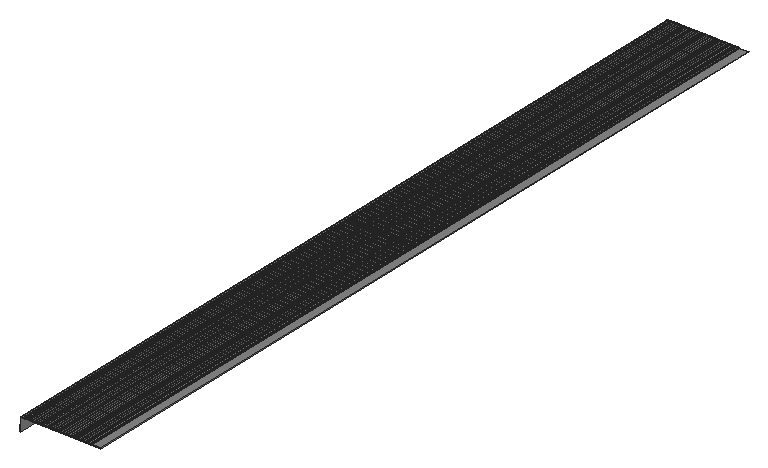
Revit family "111213010058710", category Modelos genéricos, Revit 2018
Family settings
  Puede alojar armadura = No
  Cota de conector redondo = Diámetro de uso
  Tipo de pieza = Normal
  Se basa en plano de trabajo = No
  Siempre vertical = No
  Corte con vacíos al cargar = No
  Compartido = No
  Punto de cálculo de habitación = No
Parameters (values of type "GRADA NEO PVC 300X50MM GRIS OSCURO TIRA 3MT")
  Ventajas = "Autoextinguible"
  Uso = "Fabricado en PVC, ideal para zonas de medio y alto trafico, con estrías\r\nantideslizantes. Ideal para: Edificios Públicos y Privados, Colegios, Universidades, Centros\r\ncomerciales, Aeropuertos, Hoteles, Edificios Habitacionales, entre otros."
  Unidad = "Tiras de 1.20 Mts y 3.00 Mts."
  URL = "https://www.empresascnp.cl/"
  Num SKUs = "111213010058710"
  Nombre SKU = "GRADA NEO PVC 300X50MM GRIS OSCURO TIRA 3MT"
  Modelo = "GRADA NEO PVC 300X50MM"
  Material = PVC flexible gris oscuro
  Url Ficha tecnica = "https://empresascnp.cl/wp-content/uploads//pdf/ficha-tecnica-grada-neo-pvc-300x50mm-gris-oscuro-tira-3mt.pdf"
  Largo = 3000.00 mm
  Espesor = 2.00 mm
  Empresa = "CNP SPA."
  Dureza = "80 shore A"
  Dimension = 300.00 mm
  Descripción = "Grada Neo 300x50 MM."
  Contacto = "info@empresascnp.cl"
  Color = "Gris oscuro"
  Aplicacion = "Escaleras"
  Alto = 50.00 mm
Reference planes
  plane 1 "Center F/B": y = 0
  plane 2: z = 0
  plane 3 "Center L/R": x = 0
  plane 4: z = -50
  plane 5 "2": y = 1500
  plane 6 "3": y = -1500
  plane 7: x = 300
  plane 8: z = -2
  plane 9 "4": x = 2
Forms (mm)
  Extrusion 1, solid, material "PVC flexible gris oscuro" <- "Material"
    sketch origin (0, 0, 0) x (1, 0, 0) y (0, 0, 1)
      loop
        line (300, 0) -> (270, 0) -> (270, -0.79) -> (266, -0.79) -> (266, 0) -> (264, 0) -> (264, -0.79) -> (263, -0.79) -> (263, 0) -> (261, 0) -> (261, -0.79) -> (260, -0.79) -> (260, 0) -> (258, 0) -> (258, -0.79) -> (257, -0.79) -> (257, 0) -> (255, 0) -> (255, -0.79) -> (251, -0.79) -> (251, 0) -> (249, 0) -> (249, -0.79) -> (248, -0.79) -> (248, 0) -> (246, 0) -> (246, -0.79) -> (245, -0.79) -> (245, 0) -> (243, 0) -> (243, -0.79) -> (242, -0.79) -> (242, 0) -> (240, 0) -> (240, -0.79) -> (236, -0.79) -> (236, 0) -> (234, 0) -> (234, -0.79) -> (233, -0.79) -> (233, 0) -> (231, 0) -> (231, -0.79) -> (230, -0.79) -> (230, 0) -> (228, 0) -> (228, -0.79) -> (227, -0.79) -> (227, 0) -> (225, 0) -> (225, -0.79) -> (221, -0.79) -> (221, 0) -> (219, 0) -> (219, -0.79) -> (218, -0.79) -> (218, 0) -> (216, 0) -> (216, -0.79) -> (215, -0.79) -> (215, 0) -> (213, 0) -> (213, -0.79) -> (212, -0.79) -> (212, 0) -> (210, 0) -> (210, -0.79) -> (206, -0.79) -> (206, 0) -> (204, 0) -> (204, -0.79) -> (203, -0.79) -> (203, 0) -> (201, 0) -> (201, -0.79) -> (200, -0.79) -> (200, 0) -> (198, 0) -> (198, -0.79) -> (197, -0.79) -> (197, 0) -> (195, 0) -> (195, -0.79) -> (191, -0.79) -> (191, 0) -> (189, 0) -> (189, -0.79) -> (188, -0.79) -> (188, 0) -> (186, 0) -> (186, -0.79) -> (185, -0.79) -> (185, 0) -> (183, 0) -> (183, -0.79) -> (182, -0.79) -> (182, 0) -> (180, 0) -> (180, -0.79) -> (176, -0.79) -> (176, 0) -> (174, 0) -> (174, -0.79) -> (173, -0.79) -> (173, 0) -> (171, 0) -> (171, -0.79) -> (170, -0.79) -> (170, 0) -> (168, 0) -> (168, -0.79) -> (167, -0.79) -> (167, 0) -> (165, 0) -> (165, -0.79) -> (161, -0.79) -> (161, 0) -> (159, 0) -> (159, -0.79) -> (158, -0.79) -> (158, 0) -> (156, 0) -> (156, -0.79) -> (155, -0.79) -> (155, 0) -> (153, 0) -> (153, -0.79) -> (152, -0.79) -> (152, 0) -> (150, 0) -> (150, -0.79) -> (146, -0.79) -> (146, 0) -> (144, 0) -> (144, -0.79) -> (143, -0.79) -> (143, 0) -> (141, 0) -> (141, -0.79) -> (140, -0.79) -> (140, 0) -> (138, 0) -> (138, -0.79) -> (137, -0.79) -> (137, 0) -> (135, 0) -> (135, -0.79) -> (131, -0.79) -> (131, 0) -> (129, 0) -> (129, -0.79) -> (128, -0.79) -> (128, 0) -> (126, 0) -> (126, -0.79) -> (125, -0.79) -> (125, 0) -> (123, 0) -> (123, -0.79) -> (122, -0.79) -> (122, 0) -> (120, 0) -> (120, -0.79) -> (116, -0.79) -> (116, 0) -> (114, 0) -> (114, -0.79) -> (113, -0.79) -> (113, 0) -> (111, 0) -> (111, -0.79) -> (110, -0.79) -> (110, 0) -> (108, 0) -> (108, -0.79) -> (107, -0.79) -> (107, 0) -> (105, 0) -> (105, -0.79) -> (101, -0.79) -> (101, 0) -> (99, 0) -> (99, -0.79) -> (98, -0.79) -> (98, 0) -> (96, 0) -> (96, -0.79) -> (95, -0.79) -> (95, 0) -> (93, 0) -> (93, -0.79) -> (92, -0.79) -> (92, 0) -> (90, 0) -> (90, -0.79) -> (86, -0.79) -> (86, 0) -> (84, 0) -> (84, -0.79) -> (83, -0.79) -> (83, 0) -> (81, 0) -> (81, -0.79) -> (80, -0.79) -> (80, 0) -> (78, 0) -> (78, -0.79) -> (77, -0.79) -> (77, 0) -> (75, 0) -> (75, -0.79) -> (71, -0.79) -> (71, 0) -> (69, 0) -> (69, -0.79) -> (68, -0.79) -> (68, 0) -> (66, 0) -> (66, -0.79) -> (65, -0.79) -> (65, 0) -> (63, 0) -> (63, -0.79) -> (62, -0.79) -> (62, 0) -> (60, 0) -> (60, -0.79) -> (56, -0.79) -> (56, 0) -> (54, 0) -> (54, -0.79) -> (53, -0.79) -> (53, 0) -> (51, 0) -> (51, -0.79) -> (50, -0.79) -> (50, 0) -> (48, 0) -> (48, -0.79) -> (47, -0.79) -> (47, 0) -> (45, 0) -> (45, -0.79) -> (41, -0.79) -> (41, 0) -> (39, 0) -> (39, -0.79) -> (38, -0.79) -> (38, 0) -> (36, 0) -> (36, -0.79) -> (35, -0.79) -> (35, 0) -> (33, 0) -> (33, -0.79) -> (32, -0.79) -> (32, 0) -> (30, 0) -> (30, -0.79) -> (26, -0.79) -> (26, 0) -> (24, 0) -> (24, -0.79) -> (23, -0.79) -> (23, 0) -> (21, 0) -> (21, -0.79) -> (20, -0.79) -> (20, 0) -> (18, 0) -> (18, -0.79) -> (17, -0.79) -> (17, 0) -> (15, 0) -> (15, -0.79) -> (11, -0.79) -> (11, 0) -> (3, 0)
        arc (3, 0) -> (0.879, -0.879) -> (0, -3) r 3
        line (0, -3) -> (0, -50) -> (2, -50) -> (2, -3)
        arc (2, -3) -> (2.293, -2.293) -> (3, -2) r 1
        line (3, -2) -> (300, -2) -> (300, 0)
    from -1500 to 1500
Dimensions and locks
  "Alto": level to plane 4
  equal spacing: plane 6 "3", plane 1 "Center F/B", plane 5 "2"
  "Largo": plane 6 "3" to plane 5 "2"
  "Dimension": plane 7 to plane 3 "Center L/R"
  "Espesor": plane 2 to Extrusion 1 sketch curve
  "Espesor": Extrusion 1 sketch curve to plane 3 "Center L/R"
  aligned and locked: plane 6 "3" to Extrusion 1
  aligned and locked: Extrusion 1 to plane 5 "2"
  aligned and locked: Extrusion 1 sketch curve to plane 3 "Center L/R"
  aligned and locked: plane 2 to Extrusion 1 sketch curve
  aligned and locked: Extrusion 1 sketch curve to plane 7
  aligned and locked: plane 4 to Extrusion 1 sketch curve
Automatic sketch dimensions
  Extrusion 1 sketch curve to Extrusion 1 sketch curve = 0.00 mm  (x2)
  Extrusion 1 sketch curve to level = 0.00 mm  (x68)
  plane 9 "4" to Extrusion 1 sketch curve = 1.00 mm
  Extrusion 1 sketch curve to level = 0.79 mm  (x69)
  Extrusion 1 sketch curve to Extrusion 1 sketch curve = 8.00 mm
  Extrusion 1 sketch curve to Extrusion 1 sketch curve = 4.00 mm  (x18)
  Extrusion 1 sketch curve to Extrusion 1 sketch curve = 2.00 mm  (x68)
  Extrusion 1 sketch curve to Extrusion 1 sketch curve = 1.00 mm  (x51)
